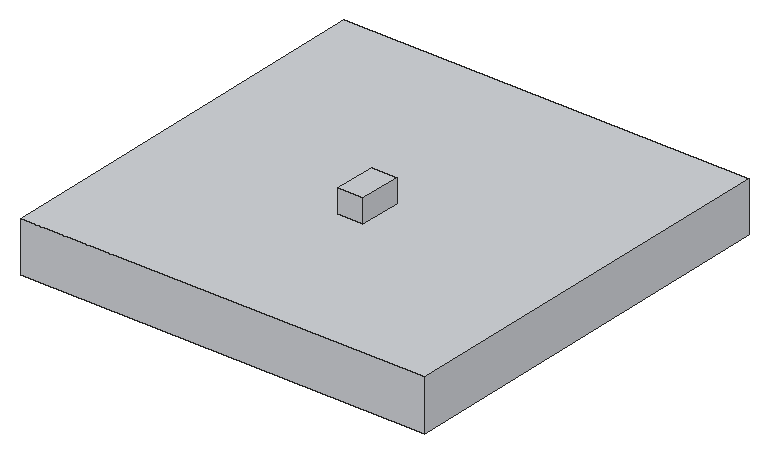
Revit family "M_Acionadores", category Equipamento elétrico, Revit 2019
Family settings
  Hospedeiro = Face
  Cota do conector redondo = Utilizar diâmetro
  Tipo de parte = Interruptor do equipamento
  Número OmniClass = 23.80.50.11.14
  Título OmniClass = Switches
  ID de item do Seek = Starters-0000-CAN-ENU
  Corte com vazios quando carregada = Não
  Compartilhado = Não
  Ponto de cálculo do ambiente = Não
Parameters (values of type "Tamanho 0 - 480 V")
  Largura = 152.4 mm
  Voltagem da partida = 480 V
  Classificação de carga = Outros
  Altura = 254 mm
  Linear = 141.3 mm
  Elevação-padrão = 1200 mm
  Assembly Code = ""
Types (14, lengths in mm): name | Largura | Voltagem da partida | Altura | Linear
  Tamanho 0 - 208 V | 152.4 | 208 V | 254 | 141.3
  Tamanho 1 - 208 V | 152.4 | 208 V | 254 | 141.3
  Tamanho 2 - 208 V | 198.4 | 208 V | 322.3 | 160.3
  Tamanho 3 - 208 V | 290.5 | 208 V | 554 | 212.7
  Tamanho 4 - 208 V | 285.8 | 208 V | 639 | 228.6
  Tamanho 5 - 208 V | 437.4 | 208 V | 1123.2 | 328.6
  Tamanho 6 - 208 V | 1670.1 | 208 V | 513.6 | 333.4
  Tamanho 0 - 480 V | 152.4 | 480 V | 254 | 141.3
  Tamanho 1 - 480 V | 152.4 | 480 V | 254 | 141.3
  Tamanho 2 - 480 V | 198.4 | 480 V | 322.3 | 160.3
  Tamanho 3 - 480 V | 290.5 | 480 V | 554 | 212.7
  Tamanho 4 - 480 V | 285.8 | 480 V | 639 | 228.6
  Tamanho 5 - 480 V | 437.4 | 480 V | 1123.2 | 328.6
  Tamanho 6 - 480 V | 1670.1 | 480 V | 513.6 | 333.4
Reference planes
  plane 1 "Centro (Frente/Trás)": y = 0
  plane 2: z = 0
  plane 3 "Centro (Esquerda/Direita)": x = -5.556
  plane 4: z = 141.3
  plane 5: y = -254
  plane 6: x = -81.756
  plane 7: x = 70.644
Forms (mm)
  Extrusion 1, solid
    sketch origin (0, 0, 0) x (1, 0, 0) y (0, 1, 0)
      loop
        line (-1224.756, 1219.2) -> (-1224.756, -1219.2) -> (1213.644, -1219.2) -> (1213.644, 1219.2) -> (-1224.756, 1219.2)
    from 0 to -304.8
  Extrusion 2, solid
    sketch origin (0, 0, 0) x (1, 0, 0) y (0, 1, 0)
      loop
        line (-81.756, -254) -> (70.644, -254) -> (70.644, 0) -> (-81.756, 0) -> (-81.756, -254)
    from 0 to 141.3
Lines and regions (mm)
  symbolic lines, detail levels coarse+medium
    curve 1: line (70.644, 0, 141.3) -> (-81.756, 0, 0)
    curve 2: line (70.644, 0, 0) -> (-81.756, 0, 141.3)
    curve 3: line (-81.756, 0, 0) -> (70.644, -254, 0)
    curve 4: line (-81.756, -254, 0) -> (70.644, 0, 0)
Dimensions and locks
  "Altura": plane 5 to plane 1 "Centro (Frente/Trás)"
  equal spacing: plane 6, plane 3 "Centro (Esquerda/Direita)", plane 7
  "Largura": plane 6 to plane 7
  "Linear": plane 4 to level
  aligned and locked: plane 2 to Extrusion 1
  aligned and locked: level to Extrusion 1
  aligned and locked: plane 1 "Centro (Frente/Trás)" to Extrusion 2
  aligned and locked: plane 4 to Extrusion 2
  aligned and locked: curve 1 to Extrusion 2  (x2)
  aligned and locked: Extrusion 2 to curve 2  (x2)
  aligned and locked: Extrusion 2 to curve 1  (x2)
  aligned and locked: curve 2 to Extrusion 2  (x2)
  aligned and locked: Extrusion 2 to curve 4  (x2)
  aligned and locked: curve 3 to Extrusion 2  (x2)
  aligned and locked: Extrusion 2 to curve 3  (x2)
  aligned and locked: curve 4 to Extrusion 2  (x2)
  aligned and locked: plane 5 to Extrusion 2
  aligned and locked: plane 6 to Extrusion 2
  aligned and locked: plane 7 to Extrusion 2
Automatic sketch dimensions
  Extrusion 2 sketch curve to plane 1 "Centro (Frente/Trás)" = 0 mm
  Extrusion 2 sketch curve to plane 3 "Centro (Esquerda/Direita)" = 76.2 mm
  plane 3 "Centro (Esquerda/Direita)" to Extrusion 2 sketch curve = 76.2 mm
  Extrusion 2 sketch curve to Extrusion 2 sketch curve = 254 mm
  Extrusion 1 sketch curve to Extrusion 1 sketch curve = 2438.4 mm  (x2)
Connectors
  electrical at (-5.556, 0, 70.65), driven by "Voltagem da partida", driven by "Classificação de carga"
    settings: on Extrusion 2, index 1, voltage 480 V, apparent load 0 VA, apparent load phase1 0 VA, apparent load phase2 0 VA, apparent load phase3 0 VA, power factor 1, load classification "Outros", number of poles 3, system type 31, power factor state 1, is connector primary yes, connector utility no, sub classification motor no, connector description ""
